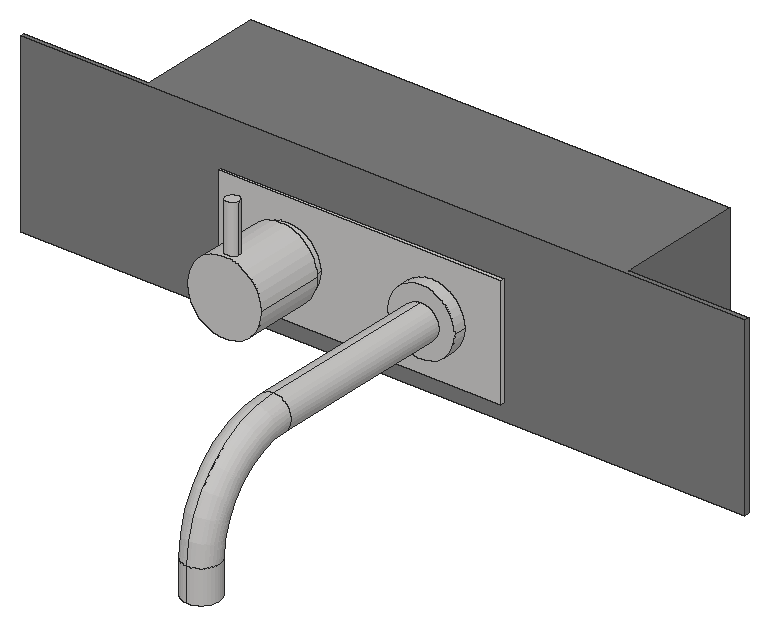
Revit family "912", category Plumbing Fixtures, Revit 2021
Family settings
  Round Connector Dimension = Use Diameter
  Part Type = Normal
  Work Plane-Based = No
  Always vertical = Yes
  Cut with Voids When Loaded = No
  Shared = No
  Room Calculation Point = No
Parameters
  e-mail = "info@vola.com"
  URL = "http://vola.com"
  Telephone = "+45 7023 5500"
  Quality management standard = "ISO 9001"
  Organisation no. / DUNS no. = "17531328"
  Occupational health and safety management standard = "ISO 18001"
  Mounting Instructions = "http://vola.com/service/producturl.ashx?name=912"
  Model = "912"
  Mixer Offset [instance] = 12.00 mm
  Mixer = yes
  Materials and components information = "http://vola.com/service/producturl.ashx?name=912"
  Manufacturer = "VOLA A/S"
  Maintenance Instructions = "http://vola.com/service/producturl.ashx?name=912"
  Guarantee = "2 years"
  Flow = "5,00 l/min"
  Environmental management standard = "ISO 14000"
  Default Elevation = 0.00 mm
  Connection - All relevant connections = "½\" for water connection"
  Approvals = "http://vola.com/service/producturl.ashx?name=912"
Reference planes
  plane 1 "Center (Front/Back)": y = 0
  plane 2: z = 0
  plane 3 "Center (Left/Right)": x = 0
  plane 4 "Mixer plane": y = 12
  plane 5 "Wall Surface": y = 0
Forms (mm)
  Extrusion 1, solid, material "Stainless Steel", visible <- "Mixer"
    sketch origin (-39, 12, -609.6) x (0, 0, -1) y (-1, 0, 0)
      loop
        circle (-609.6, 39) r 18
    from 0 to -12
  Extrusion 2, solid, material "Stainless Steel", visible <- "Mixer"
    sketch origin (-39, 12, -609.6) x (0, 0, -1) y (-1, 0, 0)
      loop
        circle (-609.6, -39) r 17
    from 0 to -12
Dimensions and locks
  "Mixer Offset": plane 4 "Mixer plane" to plane 1 "Center (Front/Back)"
  aligned and locked: plane 2 to level
  aligned and locked: nested 1 to plane 4 "Mixer plane"
  aligned and locked: plane 1 "Center (Front/Back)" to Extrusion 1
  aligned and locked: plane 1 "Center (Front/Back)" to Extrusion 2
Automatic sketch dimensions
  Extrusion 1 sketch curve to level = 0.00 mm
  Extrusion 1 sketch curve to plane 3 "Center (Left/Right)" = 78.00 mm
  Extrusion 2 sketch curve to level = 0.00 mm
  plane 3 "Center (Left/Right)" to Extrusion 2 sketch curve = 0.00 mm
  radius of Extrusion 1 sketch curve = 18.00 mm
  radius of Extrusion 2 sketch curve = 17.00 mm
Nested families
  nested 1: "900" at (-39, 83.5, -55), visible <- "Mixer", type "900"
  nested 2: "010" at (0, -2, 0), type "010"
  nested 3: "002" at (-39, 0, 0) x (1, 0, 0) z (0, -1, 0), type "002"
  nested 4: "NR17" at (-78, -2, 0), type "NR17"
Connectors
  piping at (-78, 60, -55), diameter 28
    settings: on nested 1, index 1, connector inside diameter 1.10236", connector length 0.00 mm, flow factor 0, pipe flow 0 GPM, pressure drop 0.00 psi, fitting loss kfactor 0, connector angle 0.00°, fixture units 0, engagement length 0.00 mm, angle of deflection 0.00°, flow configuration 0, flow direction 1, fitting loss method 0, system type 20, joint type 0, gender type 0, connector reference index -1, connector utility 0, adjustable connector no, is connector primary yes, connector description ""
Definition of nested family "900"
  Parameters
    e-mail = "info@vola.com"
    URL = "http://vola.com"
    Telephone = "+45 7023 5500"
    Quality management standard = "ISO 9001"
    Organisation no. / DUNS no. = "17531328"
    Occupational health and safety management standard = "ISO 18001"
    Mounting Instructions = "http://vola.com/service/producturl.ashx?name=900"
    Model = "900"
    Materials and components information = "http://vola.com/service/producturl.ashx?name=900"
    Manufacturer = "VOLA A/S"
    Maintenance Instructions = "http://vola.com/service/producturl.ashx?name=900"
    Guarantee = "2 years"
    Flow = "30,00 l/min"
    Environmental management standard = "ISO 14000"
    Default Elevation = 0.00 mm
    Connection - All relevant connections = ""
    Approvals = "http://vola.com/service/producturl.ashx?name=900"
  Reference planes
    plane 1 "Center (Front/Back)": y = 0
    plane 2: z = 0
    plane 3 "Center (Left/Right)": x = 0
    plane 4 "Inlet Center Plane": y = -23.5
    plane 5: z = 55
  Forms (mm)
    Extrusion 1, solid
      sketch origin (-27, 1.5, 7.5) x (0, 1, 0) y (1, 0, 0)
        loop
          circle (-25, -12) r 14
      from 0 to 7.5
    Extrusion 2, solid
      sketch origin (10, 0, -14) x (1, 0, 0) y (0, 1, 0)
        loop
          line (-137.5, 0) -> (-137.5, -69) -> (122.5, -69) -> (122.5, 0) -> (-137.5, 0)
      from 21.5 to 116.5
    Extrusion 3, solid
      sketch origin (10, -1, -14) x (1, 0, 0) y (0, 1, 0)
        loop
          line (-205, -68) -> (-205, -70.5) -> (187.5, -70.5) -> (187.5, -68) -> (-205, -68)
      from 21.5 to 116.5
  Cuts and joins
    joined: Extrusion 2, Extrusion 3
  Lines and regions (mm)
    reference lines
      curve 1: line (-39, -23.5, 55) -> (-39, -108.5, 55)
      curve 2: line (39, -23.5, 55) -> (39, -108.5, 55)
      curve 3: line (-39, -23.5, 55) -> (-39, -23.5, -44)
  Dimensions and locks
    aligned and locked: plane 2 to level
    aligned and locked: plane 5 to curve 3
    aligned and locked: Extrusion 2 to Extrusion 3
    aligned and locked: Extrusion 3 to Extrusion 2
Definition of nested family "010"
  Parameters
    e-mail = "info@vola.com"
    URL = "http://vola.com"
    Telephone = "+45 7023 5500"
    Quality management standard = "ISO 9001"
    Organisation no. / DUNS no. = "17531328"
    Occupational health and safety management standard = "ISO 18001"
    Mounting Instructions = "http://vola.com/service/producturl.ashx?name=010"
    Model = "010"
    Materials and components information = "http://vola.com/service/producturl.ashx?name=010"
    Manufacturer = "VOLA A/S"
    Maintenance Instructions = "http://vola.com/service/producturl.ashx?name=010"
    Guarantee = "2 years"
    Flow = "0 l/min"
    Environmental management standard = "ISO 14000"
    Default Elevation = 0.00 mm
    Connection - All relevant connections = ""
    Approvals = "http://vola.com/service/producturl.ashx?name=010"
  Reference planes
    plane 1 "Center (Front/Back)": y = 0
    plane 2: z = 0
    plane 3 "Center (Left/Right)": x = 0
  Forms (mm)
    Extrusion 1, solid
      sketch origin (0, 0, 0) x (1, 0, 0) y (0, 0, 1)
        loop
          circle (0, 0) r 18
      from 0 to 7
    Sweep 2, solid
      path origin (0, 0, 0) x (0, 1, 0) y (0, 0, 1)
        loop
          line (-7, 0) -> (-107, 0)
          arc (-107, 0) -> (-141.648, -14.352) -> (-156, -49) r 49
      profile origin (0, -141.648, -14.352) x (0, 0.707107, -0.707107) y (1, 0, 0)
        loop
          circle (0, 0) r 9.5
    Extrusion 3, solid
      sketch origin (0, -156, -49) x (0, -1, 0) y (-1, 0, 0)
        loop
          circle (0, 0) r 9.5
      from 0 to 18
  Dimensions and locks
    aligned and locked: plane 2 to level
Definition of nested family "002"
  Parameters
    e-mail = "info@vola.com"
    URL = "http://vola.com"
    Telephone = "+45 7023 5500"
    Quality management standard = "ISO 9001"
    Organisation no. / DUNS no. = "17531328"
    Occupational health and safety management standard = "ISO 18001"
    Mounting Instructions = "http://vola.com/service/producturl.ashx?name=002"
    Model = "002"
    Materials and components information = "http://vola.com/service/producturl.ashx?name=002"
    Manufacturer = "VOLA A/S"
    Maintenance Instructions = "http://vola.com/service/producturl.ashx?name=002"
    Guarantee = "2 years"
    Environmental management standard = "ISO 14000"
    Default Elevation = 1219.20 mm
    Connection - All relevant connections = ""
    Approvals = "http://vola.com/service/producturl.ashx?name=002"
  Reference planes
    plane 1 "Center (Front/Back)": y = 0
    plane 2: z = 0
    plane 3 "Center (Left/Right)": x = 0
  Forms (mm)
    Extrusion 1, solid
      sketch origin (0, 0, 0) x (1, 0, 0) y (0, 1, 0)
        loop
          line (-76.5, 30) -> (-76.5, -30) -> (76.5, -30) -> (76.5, 30) -> (-76.5, 30)
        loop
          circle (39, 0) r 16.5
        loop
          circle (-39, 0) r 16.5
      from 0 to 2
  Dimensions and locks
    aligned and locked: plane 2 to level
Definition of nested family "NR17"
  Parameters
    e-mail = "info@vola.com"
    URL = "http://vola.com"
    Telephone = "+45 7023 5500"
    Quality management standard = "ISO 9001"
    Organisation no. / DUNS no. = "17531328"
    Occupational health and safety management standard = "ISO 18001"
    Mounting Instructions = "http://vola.com/service/producturl.ashx?name=NR17"
    Model = "NR17"
    Materials and components information = "http://vola.com/service/producturl.ashx?name=NR17"
    Manufacturer = "VOLA A/S"
    Maintenance Instructions = "http://vola.com/service/producturl.ashx?name=NR17"
    Guarantee = "2 years"
    Environmental management standard = "ISO 14000"
    Default Elevation = 0.00 mm
    Connection - All relevant connections = ""
    Approvals = "http://vola.com/service/producturl.ashx?name=NR17"
  Reference planes
    plane 1 "Center (Front/Back)": y = 0
    plane 2: z = 0
    plane 3 "Center (Left/Right)": x = 0
  Forms (mm)
    Extrusion 1, solid
      sketch origin (0, 0, 0) x (1, 0, 0) y (0, 0, 1)
        loop
          circle (0, 0) r 20
      from 5 to 42.5
    Extrusion 2, solid
      sketch origin (0, -2.75, 0) x (0, -1, 0) y (1, 0, 0)
        loop
          circle (34.5, 0) r 3.5
      from 19 to 45.5
    Extrusion 3, solid
      sketch origin (0, 0, 0) x (1, 0, 0) y (0, 0, 1)
        loop
          circle (0, 0) r 18
      from 0 to 5
  Cuts and joins
    joined: Extrusion 1, Extrusion 2
  Dimensions and locks
    aligned and locked: plane 2 to level
